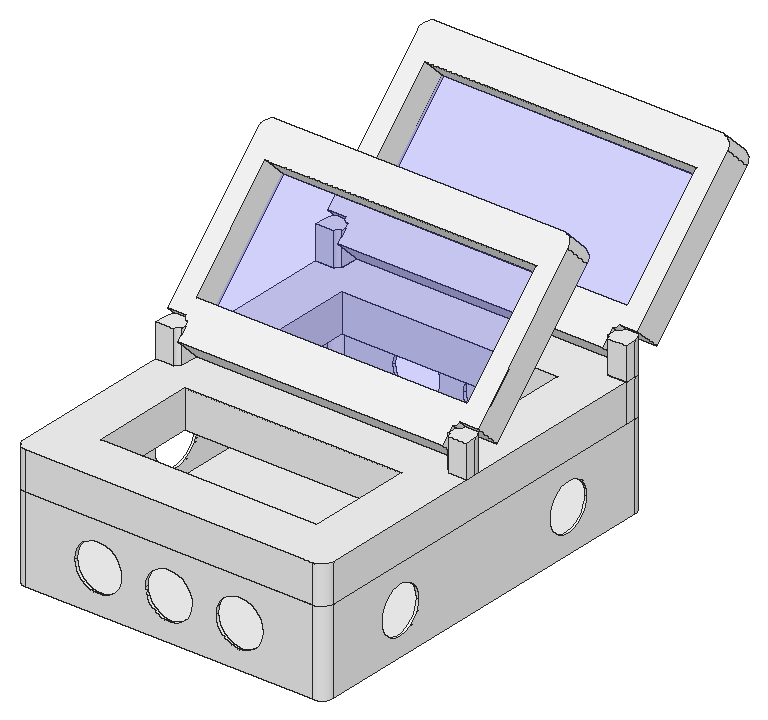
Revit family "Domotics-DomesticRanges-GEWISS-27COMBI_SYSTEM-IP55_4P+4P", category Apparecchi elettrici, host Superficie, Revit 2016
Family settings
  Host = Superficie
  Mantenere orientamento annotazione = No
  Tipo di parte = Normale
  Quota connettore circolare = Usa diametro
  Numero OmniClass = 23.80.30.14.24
  Titolo OmniClass = Junction Boxes
  Taglio con vuoti quando caricato = Sì
  Condiviso = No
  Punto di calcolo locali = No
Parameters (values of type "GW27051 - 4x2 posti verticale")
  Version file RFA = "19.4"
  URL = "https://www.gewiss.com/ww/en"
  Type of knockout holes = "Removable with tool"
  Torque screws tightening = "0,8NM"
  Thermo-pressure with ball = "70 °C"
  Technical sheet = "https://www.gewiss.com/ww/en/search?q=GW27051"
  Standard; = "EN 60670-1"
  Shock resistance = "IK07"
  SPORTELLO APERTO [instance] = yes
  SEO = "Enclosure"
  Realized by GEWISS S.p.A. = ""
  Produttore = "GEWISS S.p.A."
  Outer dim. LxHxD (mm) = "132x171x65"
  No. knockout holes Ã˜23 = "10 on sides / 2 on the bottom"
  No. SYSTEM modules = "8 gang"
  Modello = "GW27051"
  Lid screws = "Stainless steel"
  Insulation class = "II"
  Installation temperature = "-25 +60 °C"
  IP degree = "IP55"
  IFC.TypeObject = ""
  IFC.ExportType = ""
  IFC.ExportAs = ""
  Default Elevation = 1219.2 mm
  Immagine tipo = gw27051.jpg
  IDT = "3990d046-d57d-4ccd-aa40-94a36558d188"
  IDF = "bff38524-b723-44e9-9b8f-3ff32b0260b1"
  Glow Wire Test = "650°C"
  Electrocod = "0212"
  EAN code = "8011564055407"
  Door type = "With membrane"
  Door colour: = "Transparent"
  Descrizione = "VERT.8(2X4) GANG ENCLOSURE IP55"
  Description: = "8 gang"
  Configuration = "Module 4 x 2"
  Compartment pre-arrangement = "2"
  Colour = "Grey RAL 7035"
  Catalogue Range = "27COMBI"
  Catalogue = "DOMOTICS"
  COBie.Tagnumber = ""
  COBie.CreatedOn = ""
  COBie.CreatebBy = ""
  COBie.ComponentRegisterItemID = ""
  COBie.Component.TagNumber = ""
  COBie.Component.Space = ""
  COBie.Component.SerialNumber = ""
  COBie.Component.InstallationDate = ""
  COBie.Component.Description = ""
  COBie.Component.BarCode = ""
Reference planes
  plane 1 "Centro (Fronte/Retro)": y = 0
  plane 2: z = 0
  plane 3 "Centro (Sinistra/Destra)": x = 0
  plane 4: x = -66
  plane 5: x = 66
  plane 6: z = 66
  plane 7: y = -85
  plane 8: y = 85
Lines and regions (mm)
  Masking region 1
    outline origin (0, 0, 0) x (1, 0, 0) y (0, 0, 1)
      loop
        line (-66, 0) -> (66, 0) -> (66, 66) -> (-66, 66) -> (-66, 0)
  Masking region 2
    outline origin (0, 0, 0) x (0, 1, 0) y (0, 0, 1)
      loop
        line (-85, 0) -> (85, 0) -> (85, 66) -> (-85, 66) -> (-85, 0)
  Masking region 3, detail levels medium+fine
    outline origin (0, 0, 0) x (1, 0, 0) y (0, 0, 1)
      loop
        circle (0, 18) r 10
  Masking region 4, detail levels medium+fine
    outline origin (0, 42.5, 3.713) x (0, 1, 0) y (0, 0, 1)
      loop
        circle (0, 13.287) r 10
  Masking region 5, detail levels medium+fine
    outline origin (0, -42.5, 3.713) x (0, -1, 0) y (0, 0, 1)
      loop
        circle (0, 13.287) r 10
  Masking region 6, detail levels medium+fine
    outline origin (30, 0, 0) x (1, 0, 0) y (0, 0, 1)
      loop
        circle (0, 18) r 10
  Masking region 7, detail levels medium+fine
    outline origin (-30, 0, 0) x (-1, 0, 0) y (0, 0, 1)
      loop
        circle (0, 18) r 10
Dimensions and locks
  equal spacing: plane 4, plane 3 "Centro (Sinistra/Destra)", plane 5
  locked: plane 4 to plane 5 at 132
  locked: plane 6 to host face at 66
  equal spacing: plane 7, plane 1 "Centro (Fronte/Retro)", plane 8
  locked: plane 7 to plane 8 at 170
  aligned and locked: plane 2 to host face
  aligned and locked: level to host face
  aligned and locked: Masking region 1 sketch curve to level
  aligned and locked: plane 5 to Masking region 1 sketch curve
  aligned and locked: plane 6 to Masking region 1
  aligned and locked: Masking region 1 to plane 4
  aligned and locked: Masking region 2 sketch curve to level
  aligned and locked: plane 6 to Masking region 2 sketch curve
  aligned and locked: Masking region 2 to plane 7
Automatic sketch dimensions
  host sketch curve to host sketch curve = 2438.4 mm  (x2)
  Masking region 1 sketch curve to plane 4 = 0 mm
  Masking region 1 sketch curve to plane 6 = 0 mm
  Masking region 2 sketch curve to plane 7 = 0 mm
  Masking region 2 sketch curve to plane 8 = 0 mm
  Masking region 3 sketch curve to plane 3 "Centro (Sinistra/Destra)" = 0 mm
  level to Masking region 3 sketch curve = 18 mm
  level to Masking region 4 sketch curve = 17 mm
  Masking region 4 sketch curve to plane 1 "Centro (Fronte/Retro)" = 42.5 mm
  level to Masking region 5 sketch curve = 17 mm
  plane 1 "Centro (Fronte/Retro)" to Masking region 5 sketch curve = 42.5 mm
  plane 3 "Centro (Sinistra/Destra)" to Masking region 6 sketch curve = 30 mm
  level to Masking region 6 sketch curve = 18 mm
  Masking region 7 sketch curve to plane 3 "Centro (Sinistra/Destra)" = 30 mm
  level to Masking region 7 sketch curve = 18 mm
  radius of Masking region 3 sketch curve = 10 mm
  radius of Masking region 4 sketch curve = 10 mm
  radius of Masking region 5 sketch curve = 10 mm
  radius of Masking region 6 sketch curve = 10 mm
  radius of Masking region 7 sketch curve = 10 mm
Nested families
  nested 1: "SYSTEM COMBI CONTENITORI IP55 4+4P_BASE" at (0, 60, 0), Sportello aperto <- "SPORTELLO APERTO", type "GW27051"
    with Sportello chiuso no, Sportello aperto yes
Definition of nested family "SYSTEM COMBI CONTENITORI IP55 4+4P_BASE"
  Parameters (values of type "GW27051")
    VETRO = none
    Sportello chiuso [instance] = not(Sportello aperto)  # no
    Sportello aperto [instance] = yes
    Profondità scatola = 36 mm
    Offset bidimensionale = 60 mm
    Larghezza scatola = 132 mm
    SCATOLA = none
    Larghezza foro = 92 mm
    Dettaglio 4P = yes
    Default Elevation = 1219.2 mm
    Altezza scatola = 170 mm
    Altezza foro = 45 mm
  Reference planes
    plane 1 "Centro (Fronte/Retro)": y = 0
    plane 2: z = 0
    plane 3 "Centro (Sinistra/Destra)": x = 0
    plane 4: x = -66
    plane 5: x = 66
    plane 6 "1": y = 85
    plane 7: y = -85
    plane 8 "PIANO 1": z = 66
    plane 9: z = 36
    plane 10 "2": z = 2
    plane 11: z = 52
    plane 12: x = -46
    plane 13: x = 46
    plane 14: y = 64
    plane 15: y = 19
    plane 16: z = 18
    plane 17 "PIANO BIDIMENSIONALE": z = 60
    plane 18: y = 42.5
  Forms (mm)
    Extrusion 1, solid, material <- "SCATOLA", detail levels medium+fine
      sketch origin (0, 0, 66) x (0, -1, 0) y (1, 0, 0)
        loop
          arc (-85, -61) -> (-83.536, -64.536) -> (-80, -66) r 5
          line (-80, -66) -> (80, -66)
          arc (80, -66) -> (83.536, -64.536) -> (85, -61) r 5
          line (85, -61) -> (85, 61)
          arc (85, 61) -> (83.536, 64.536) -> (80, 66) r 5
          line (80, 66) -> (-80, 66)
          arc (-80, 66) -> (-83.536, 64.536) -> (-85, 61) r 5
          line (-85, 61) -> (-85, -61)
      from -66 to -30
    Extrusion 2, void, detail levels medium+fine
      sketch origin (0, 0, 66) x (0, -1, 0) y (1, 0, 0)
        loop
          line (-84, 61) -> (-84, -61)
          arc (-84, -61) -> (-82.828, -63.828) -> (-80, -65) r 4
          line (-80, -65) -> (80, -65)
          arc (80, -65) -> (82.828, -63.828) -> (84, -61) r 4
          line (84, -61) -> (84, 61)
          arc (84, 61) -> (82.828, 63.828) -> (80, 65) r 4
          line (80, 65) -> (-80, 65)
          arc (-80, 65) -> (-82.828, 63.828) -> (-84, 61) r 4
      from -64 to -30
    Extrusion 3, solid, material <- "SCATOLA", visible <- "Sportello chiuso", detail levels medium+fine
      sketch origin (0, 0, 66) x (0, -1, 0) y (1, 0, 0)
        loop
          line (-85, -56.414) -> (-77.415, -56.414)
          arc (-77.415, -56.414) -> (-76.861, -57.751) -> (-75.525, -58.304) r 1.89
          line (-75.525, -58.304) -> (-75.525, -66) -> (-5, -66)
          arc (-5, -66) -> (-1.464, -64.536) -> (0, -61) r 5
          line (0, -61) -> (0, 61)
          arc (0, 61) -> (-1.464, 64.536) -> (-5, 66) r 5
          line (-5, 66) -> (-75.525, 66) -> (-75.525, 58.304)
          arc (-75.525, 58.304) -> (-76.861, 57.751) -> (-77.415, 56.414) r 1.89
          line (-77.415, 56.414) -> (-85, 56.414) -> (-85, -56.414)
        loop
          line (-15.643, 57.717) -> (-67.357, 57.717) -> (-67.357, -57.717) -> (-15.643, -57.717) -> (-15.643, 57.717)
      from -14 to 0
    Extrusion 4, solid, material <- "SCATOLA", detail levels medium+fine
      sketch origin (0, 0, 66) x (0, -1, 0) y (1, 0, 0)
        loop
          line (-85, -56.414) -> (-77.415, -56.414)
          arc (-77.415, -56.414) -> (-76.861, -57.751) -> (-75.525, -58.304) r 1.89
          line (-75.525, -58.304) -> (-75.525, -66) -> (80, -66)
          arc (80, -66) -> (83.536, -64.536) -> (85, -61) r 5
          line (85, -61) -> (85, 61)
          arc (85, 61) -> (83.536, 64.536) -> (80, 66) r 5
          line (80, 66) -> (-75.525, 66) -> (-75.525, 58.304)
          arc (-75.525, 58.304) -> (-76.861, 57.751) -> (-77.415, 56.414) r 1.89
          line (-77.415, 56.414) -> (-85, 56.414) -> (-85, -56.414)
        loop
          line (-19, 46) -> (-64, 46) -> (-64, -46) -> (-19, -46) -> (-19, 46)
        loop
          line (19, 46) -> (19, -46) -> (64, -46) -> (64, 46) -> (19, 46)
      from -30 to -14
    Extrusion 5, solid, material <- "SCATOLA", detail levels medium+fine
      sketch origin (0, 0, 66) x (0, -1, 0) y (1, 0, 0)
        loop
          arc (-85, -61) -> (-83.536, -64.536) -> (-80, -66) r 5
          line (-80, -66) -> (-75.525, -66) -> (-75.525, -58.304)
          arc (-75.525, -58.304) -> (-76.861, -57.751) -> (-77.415, -56.414) r 1.89
          line (-77.415, -56.414) -> (-85, -56.414) -> (-85, -61)
      from -14 to 0
    Extrusion 6, solid, material <- "SCATOLA", detail levels medium+fine
      sketch origin (0, 0, 66) x (0, -1, 0) y (1, 0, 0)
        loop
          line (-85, 61) -> (-85, 56.414) -> (-77.415, 56.414)
          arc (-77.415, 56.414) -> (-76.861, 57.751) -> (-75.525, 58.304) r 1.89
          line (-75.525, 58.304) -> (-75.525, 66) -> (-80, 66)
          arc (-80, 66) -> (-83.536, 64.536) -> (-85, 61) r 5
      from -14 to 0
    Extrusion 7, solid, material <- "VETRO", visible <- "Sportello chiuso", detail levels medium+fine
      sketch origin (0, 0, 66) x (0, -1, 0) y (1, 0, 0)
        loop
          line (-67.357, -57.717) -> (-15.643, -57.717) -> (-15.643, 57.717) -> (-67.357, 57.717) -> (-67.357, -57.717)
      from -6 to 0
    Extrusion 8, solid, material <- "SCATOLA", visible <- "Sportello aperto", detail levels medium+fine
      sketch origin (0, 113.991, 80.991) x (0, 0.707107, 0.707107) y (1, 0, 0)
        loop
          line (-41, -56.414) -> (-33.415, -56.414)
          arc (-33.415, -56.414) -> (-32.861, -57.751) -> (-31.525, -58.304) r 1.89
          line (-31.525, -58.304) -> (-31.525, -66) -> (36, -66)
          arc (36, -66) -> (39.536, -64.536) -> (41, -61) r 5
          line (41, -61) -> (41, 61)
          arc (41, 61) -> (39.536, 64.536) -> (36, 66) r 5
          line (36, 66) -> (-31.525, 66) -> (-31.525, 58.304)
          arc (-31.525, 58.304) -> (-32.861, 57.751) -> (-33.415, 56.414) r 1.89
          line (-33.415, 56.414) -> (-41, 56.414) -> (-41, -56.414)
        loop
          line (26.857, 57.717) -> (-24.857, 57.717) -> (-24.857, -57.717) -> (26.857, -57.717) -> (26.857, 57.717)
      from -14 to 0
    Extrusion 9, solid, material <- "VETRO", visible <- "Sportello aperto", detail levels medium+fine
      sketch origin (0, 113.991, 80.991) x (0, 0.707107, 0.707107) y (1, 0, 0)
        loop
          line (-24.857, -57.717) -> (26.857, -57.717) -> (26.857, 57.717) -> (-24.857, 57.717) -> (-24.857, -57.717)
      from -1.5 to 0
    Extrusion 10, solid, material <- "SCATOLA", visible <- "Sportello aperto", not visible
      sketch origin (210, 0, -63.711) x (0, -1, 0) y (1, 0, 0)
        loop
          line (-41, -56.414) -> (-33.415, -56.414)
          arc (-33.415, -56.414) -> (-32.861, -57.751) -> (-31.525, -58.304) r 1.89
          line (-31.525, -58.304) -> (-31.525, -66) -> (36, -66)
          arc (36, -66) -> (39.536, -64.536) -> (41, -61) r 5
          line (41, -61) -> (41, 61)
          arc (41, 61) -> (39.536, 64.536) -> (36, 66) r 5
          line (36, 66) -> (-31.525, 66) -> (-31.525, 58.304)
          arc (-31.525, 58.304) -> (-32.861, 57.751) -> (-33.415, 56.414) r 1.89
          line (-33.415, 56.414) -> (-41, 56.414) -> (-41, -56.414)
        loop
          line (26.857, 57.717) -> (-24.857, 57.717) -> (-24.857, -57.717) -> (26.857, -57.717) -> (26.857, 57.717)
      from -14 to 0
    Extrusion 11, solid, material <- "VETRO", visible <- "Sportello aperto", not visible
      sketch origin (210, 0, -63.711) x (0, -1, 0) y (1, 0, 0)
        loop
          line (-24.857, -57.717) -> (26.857, -57.717) -> (26.857, 57.717) -> (-24.857, 57.717) -> (-24.857, -57.717)
      from -1.5 to 0
    Extrusion 12, solid, material <- "SCATOLA", detail levels fine
      sketch origin (0, 85, 0) x (-1, 0, 0) y (0, 0, 1)
        loop
          circle (0, 18) r 13
      from 5 to 3
    Extrusion 13, solid, material <- "SCATOLA", detail levels fine
      sketch origin (0, 85, 0) x (-1, 0, 0) y (0, 0, 1)
        loop
          circle (0, 18) r 10
      from 8 to 6
    Extrusion 14, solid, material <- "SCATOLA", detail levels fine
      sketch origin (0, 85, 0) x (-1, 0, 0) y (0, 0, 1)
        loop
          circle (0, 18) r 3
      from 0 to 6
    Extrusion 15, solid, material <- "SCATOLA", detail levels medium+fine
      sketch origin (0, 0, 0) x (1, 0, 0) y (0, 1, 0)
        loop
          line (-56.414, 77.415) -> (-56.414, 85) -> (-61, 85)
          arc (-61, 85) -> (-64.536, 83.536) -> (-66, 80) r 5
          line (-66, 80) -> (-66, 75.525) -> (-58.304, 75.525)
          arc (-58.304, 75.525) -> (-57.751, 76.861) -> (-56.414, 77.415) r 1.89
        loop
          arc (56.414, 77.415) -> (57.751, 76.861) -> (58.304, 75.525) r 1.89
          line (58.304, 75.525) -> (66, 75.525) -> (66, 80)
          arc (66, 80) -> (64.536, 83.536) -> (61, 85) r 5
          line (61, 85) -> (56.414, 85) -> (56.414, 77.415)
      from 36 to 52
    Extrusion 16, void, detail levels medium+fine
      sketch origin (0, 44.738, 0) x (0, 1, 0) y (0, 0, 1)
        loop
          circle (0, 18) r 10
      from 61 to 66
    Extrusion 17, void, detail levels medium+fine
      sketch origin (0, 0, 0) x (1, 0, 0) y (0, 0, 1)
        loop
          circle (0, 18) r 10
      from 84 to 85
    Extrusion 18, void, detail levels medium+fine
      sketch origin (0, 0, 0) x (0, 1, 0) y (0, 0, -1)
        loop
          circle (0, -18) r 11.5
      from 32.526 to 66
    Extrusion 19, void, detail levels medium+fine
      sketch origin (0, 44.408, 0) x (1, 0, 0) y (0, 0, -1)
        loop
          circle (0, -18) r 10
      from 39.592 to 40.592
    Extrusion 20, solid, material <- "SCATOLA", visible <- "Sportello aperto", detail levels medium+fine
      sketch origin (0, 28.991, 80.991) x (0, 0.707107, 0.707107) y (1, 0, 0)
        loop
          line (-41, -56.414) -> (-33.415, -56.414)
          arc (-33.415, -56.414) -> (-32.861, -57.751) -> (-31.525, -58.304) r 1.89
          line (-31.525, -58.304) -> (-31.525, -66) -> (36, -66)
          arc (36, -66) -> (39.536, -64.536) -> (41, -61) r 5
          line (41, -61) -> (41, 61)
          arc (41, 61) -> (39.536, 64.536) -> (36, 66) r 5
          line (36, 66) -> (-31.525, 66) -> (-31.525, 58.304)
          arc (-31.525, 58.304) -> (-32.861, 57.751) -> (-33.415, 56.414) r 1.89
          line (-33.415, 56.414) -> (-41, 56.414) -> (-41, -56.414)
        loop
          line (26.857, 57.717) -> (-24.857, 57.717) -> (-24.857, -57.717) -> (26.857, -57.717) -> (26.857, 57.717)
      from -14 to 0
    Extrusion 21, solid, material <- "VETRO", visible <- "Sportello aperto", detail levels medium+fine
      sketch origin (0, 28.991, 80.991) x (0, 0.707107, 0.707107) y (1, 0, 0)
        loop
          line (-24.857, -57.717) -> (26.857, -57.717) -> (26.857, 57.717) -> (-24.857, 57.717) -> (-24.857, -57.717)
      from -1.5 to 0
    Extrusion 22, solid, material <- "SCATOLA", visible <- "Sportello chiuso", detail levels medium+fine
      sketch origin (0, -85, 66) x (0, -1, 0) y (1, 0, 0)
        loop
          line (-85, -56.414) -> (-77.415, -56.414)
          arc (-77.415, -56.414) -> (-76.861, -57.751) -> (-75.525, -58.304) r 1.89
          line (-75.525, -58.304) -> (-75.525, -66) -> (-5, -66)
          arc (-5, -66) -> (-1.464, -64.536) -> (0, -61) r 5
          line (0, -61) -> (0, 61)
          arc (0, 61) -> (-1.464, 64.536) -> (-5, 66) r 5
          line (-5, 66) -> (-75.525, 66) -> (-75.525, 58.304)
          arc (-75.525, 58.304) -> (-76.861, 57.751) -> (-77.415, 56.414) r 1.89
          line (-77.415, 56.414) -> (-85, 56.414) -> (-85, -56.414)
        loop
          line (-15.643, 57.717) -> (-67.357, 57.717) -> (-67.357, -57.717) -> (-15.643, -57.717) -> (-15.643, 57.717)
      from -14 to 0
    Extrusion 23, solid, material <- "VETRO", visible <- "Sportello chiuso", detail levels medium+fine
      sketch origin (0, -85, 66) x (0, -1, 0) y (1, 0, 0)
        loop
          line (-67.357, -57.717) -> (-15.643, -57.717) -> (-15.643, 57.717) -> (-67.357, 57.717) -> (-67.357, -57.717)
      from -6 to 0
    Extrusion 24, void, detail levels medium+fine
      sketch origin (0, -44.738, 0) x (0, -1, 0) y (0, 0, -1)
        loop
          circle (0, -18) r 10
      from 61 to 66
    Extrusion 25, void, detail levels medium+fine
      sketch origin (-30, 0, 0) x (1, 0, 0) y (0, 0, 1)
        loop
          circle (0, 18) r 10
        loop
          circle (60, 18) r 10
      from -85 to 85
    Extrusion 26, solid, material <- "SCATOLA", detail levels medium+fine
      sketch origin (0, -85, 66) x (0, -1, 0) y (1, 0, 0)
        loop
          arc (-85, -61) -> (-83.536, -64.536) -> (-80, -66) r 5
          line (-80, -66) -> (-75.525, -66) -> (-75.525, -58.304)
          arc (-75.525, -58.304) -> (-76.861, -57.751) -> (-77.415, -56.414) r 1.89
          line (-77.415, -56.414) -> (-85, -56.414) -> (-85, -61)
      from -14 to 0
    Extrusion 27, solid, material <- "SCATOLA", detail levels medium+fine
      sketch origin (0, -85, 66) x (0, -1, 0) y (1, 0, 0)
        loop
          line (-85, 61) -> (-85, 56.414) -> (-77.415, 56.414)
          arc (-77.415, 56.414) -> (-76.861, 57.751) -> (-75.525, 58.304) r 1.89
          line (-75.525, 58.304) -> (-75.525, 66) -> (-80, 66)
          arc (-80, 66) -> (-83.536, 64.536) -> (-85, 61) r 5
      from -14 to 0
  Cuts and joins
    Extrusion 2, Extrusion 16, Extrusion 17, Extrusion 18, Extrusion 19, Extrusion 24, Extrusion 25 cuts Extrusion 1
  Lines and regions (mm)
    Masking region 1
      outline origin (0, 0, 2) x (0, -1, 0) y (1, 0, 0)
        loop
          line (-5, 66) -> (-80, 66)
          arc (-80, 66) -> (-83.536, 64.536) -> (-85, 61) r 5
          line (-85, 61) -> (-85, -61)
          arc (-85, -61) -> (-83.536, -64.536) -> (-80, -66) r 5
          line (-80, -66) -> (-5, -66)
          arc (-5, -66) -> (-1.464, -64.536) -> (0, -61) r 5
          line (0, -61) -> (0, 61)
          arc (0, 61) -> (-1.464, 64.536) -> (-5, 66) r 5
        loop
          line (-19, 46) -> (-64, 46) -> (-64, -46) -> (-19, -46) -> (-19, 46)
    Masking region 2
      outline origin (0, 0, 2) x (0, -1, 0) y (1, 0, 0)
        loop
          line (-64, -46) -> (-19, -46) -> (-19, 46) -> (-64, 46) -> (-64, -46)
    Masking region 3
      outline origin (0, 0, 0) x (1, 0, 0) y (0, 1, 0)
        loop
          line (-66, 75.525) -> (-58.304, 75.525)
          arc (-58.304, 75.525) -> (-57.751, 76.861) -> (-56.414, 77.415) r 1.89
          line (-56.414, 77.415) -> (-56.414, 85) -> (-61, 85)
          arc (-61, 85) -> (-64.536, 83.536) -> (-66, 80) r 5
          line (-66, 80) -> (-66, 75.525)
        loop
          line (58.304, 75.525) -> (66, 75.525) -> (66, 80)
          arc (66, 80) -> (64.536, 83.536) -> (61, 85) r 5
          line (61, 85) -> (56.414, 85) -> (56.414, 77.415)
          arc (56.414, 77.415) -> (57.751, 76.861) -> (58.304, 75.525) r 1.89
        loop
          circle (-61, 80) r 2
        loop
          circle (61, 80) r 2
        loop
          line (-48, 0) -> (-46, 0) -> (-46, 2.753)
          arc (-46, 2.753) -> (-45.414, 4.167) -> (-44, 4.753) r 2
          line (-44, 4.753) -> (43.996, 4.753)
          arc (43.996, 4.753) -> (45.41, 4.167) -> (45.996, 2.753) r 2
          line (45.996, 2.753) -> (45.996, 0) -> (47.996, 0) -> (47.996, 4.753)
          arc (47.996, 4.753) -> (47.41, 6.167) -> (45.996, 6.753) r 2
          line (45.996, 6.753) -> (-46, 6.753)
          arc (-46, 6.753) -> (-47.414, 6.167) -> (-48, 4.753) r 2
          line (-48, 4.753) -> (-48, 0)
    Masking region 4
      outline origin (0, 0, 0) x (1, 0, 0) y (0, 1, 0)
        loop
          line (-57.717, 15.643) -> (57.717, 15.643) -> (57.717, 75.525)
          arc (57.717, 75.525) -> (57.336, 76.446) -> (56.414, 76.828) r 1.303
          line (56.414, 76.828) -> (-56.414, 76.828)
          arc (-56.414, 76.828) -> (-57.336, 76.446) -> (-57.717, 75.525) r 1.303
          line (-57.717, 75.525) -> (-57.717, 15.643)
        loop
          line (-46, 64) -> (-46, 19) -> (46, 19) -> (46, 64) -> (-46, 64)
    Masking region 5
      outline origin (0, -85, 2) x (0, -1, 0) y (1, 0, 0)
        loop
          line (-5, 66) -> (-80, 66)
          arc (-80, 66) -> (-83.536, 64.536) -> (-85, 61) r 5
          line (-85, 61) -> (-85, -61)
          arc (-85, -61) -> (-83.536, -64.536) -> (-80, -66) r 5
          line (-80, -66) -> (-5, -66)
          arc (-5, -66) -> (-1.464, -64.536) -> (0, -61) r 5
          line (0, -61) -> (0, 61)
          arc (0, 61) -> (-1.464, 64.536) -> (-5, 66) r 5
        loop
          line (-19, 46) -> (-64, 46) -> (-64, -46) -> (-19, -46) -> (-19, 46)
    Masking region 6
      outline origin (0, -85, 0) x (1, 0, 0) y (0, 1, 0)
        loop
          line (-66, 75.525) -> (-58.304, 75.525)
          arc (-58.304, 75.525) -> (-57.751, 76.861) -> (-56.414, 77.415) r 1.89
          line (-56.414, 77.415) -> (-56.414, 85) -> (-61, 85)
          arc (-61, 85) -> (-64.536, 83.536) -> (-66, 80) r 5
          line (-66, 80) -> (-66, 75.525)
        loop
          line (58.304, 75.525) -> (66, 75.525) -> (66, 80)
          arc (66, 80) -> (64.536, 83.536) -> (61, 85) r 5
          line (61, 85) -> (56.414, 85) -> (56.414, 77.415)
          arc (56.414, 77.415) -> (57.751, 76.861) -> (58.304, 75.525) r 1.89
        loop
          circle (-61, 80) r 2
        loop
          circle (61, 80) r 2
        loop
          line (-48, 0) -> (-46, 0) -> (-46, 2.753)
          arc (-46, 2.753) -> (-45.414, 4.167) -> (-44, 4.753) r 2
          line (-44, 4.753) -> (43.996, 4.753)
          arc (43.996, 4.753) -> (45.41, 4.167) -> (45.996, 2.753) r 2
          line (45.996, 2.753) -> (45.996, 0) -> (47.996, 0) -> (47.996, 4.753)
          arc (47.996, 4.753) -> (47.41, 6.167) -> (45.996, 6.753) r 2
          line (45.996, 6.753) -> (-46, 6.753)
          arc (-46, 6.753) -> (-47.414, 6.167) -> (-48, 4.753) r 2
          line (-48, 4.753) -> (-48, 0)
    Masking region 7
      outline origin (0, -85, 2) x (0, -1, 0) y (1, 0, 0)
        loop
          line (-64, -46) -> (-19, -46) -> (-19, 46) -> (-64, 46) -> (-64, -46)
    Masking region 8
      outline origin (0, -85, 0) x (1, 0, 0) y (0, 1, 0)
        loop
          line (-57.717, 15.643) -> (57.717, 15.643) -> (57.717, 75.525)
          arc (57.717, 75.525) -> (57.336, 76.446) -> (56.414, 76.828) r 1.303
          line (56.414, 76.828) -> (-56.414, 76.828)
          arc (-56.414, 76.828) -> (-57.336, 76.446) -> (-57.717, 75.525) r 1.303
          line (-57.717, 75.525) -> (-57.717, 15.643)
        loop
          line (-46, 64) -> (-46, 19) -> (46, 19) -> (46, 64) -> (-46, 64)
    model lines, detail levels coarse
      curve 1: arc (66, -80, 60) -> (64.536, -83.536, 60) -> (61, -85, 60) r 5
      curve 2: line (66, 80, 60) -> (66, -80, 60)
      curve 3: arc (61, 85, 60) -> (64.536, 83.536, 60) -> (66, 80, 60) r 5
      curve 4: line (-61, 85, 60) -> (61, 85, 60)
      curve 5: arc (-61, 85, 60) -> (-64.536, 83.536, 60) -> (-66, 80, 60) r 5
      curve 6: line (-66, -80, 60) -> (-66, 80, 60)
      curve 7: arc (-61, -85, 60) -> (-64.536, -83.536, 60) -> (-66, -80, 60) r 5
      curve 8: line (61, -85, 60) -> (-61, -85, 60)
      curve 21: line (57.717, 15.643, 60) -> (-57.717, 15.643, 60)
      curve 22: line (57.717, 75.525, 60) -> (57.717, 15.643, 60)
      curve 23: line (-57.717, 15.643, 60) -> (-57.717, 75.525, 60)
      curve 24: line (-57.717, 67.357, 60) -> (57.717, 67.357, 60)
      curve 25: arc (-56.414, 76.828, 60) -> (-57.336, 76.446, 60) -> (-57.717, 75.525, 60) r 1.303
      curve 26: line (-56.414, 76.828, 60) -> (56.414, 76.828, 60)
      curve 27: arc (56.414, 76.828, 60) -> (57.336, 76.446, 60) -> (57.717, 75.525, 60) r 1.303
      curve 28: line (66, 75.525, 60) -> (58.304, 75.525, 60)
      curve 29: arc (56.414, 77.415, 60) -> (57.751, 76.861, 60) -> (58.304, 75.525, 60) r 1.89
      curve 30: line (56.414, 85, 60) -> (56.414, 77.415, 60)
      curve 31: line (-56.414, 77.415, 60) -> (56.414, 77.415, 60)
      curve 32: line (-66, 75.525, 60) -> (-58.304, 75.525, 60)
      curve 33: arc (-56.414, 77.415, 60) -> (-57.751, 76.861, 60) -> (-58.304, 75.525, 60) r 1.89
      curve 34: line (-56.414, 85, 60) -> (-56.414, 77.415, 60)
      curve 35: circle (-61, 80, 60) r 2 normal (0, 0, 1)
      curve 36: line (-59.172, 80.81, 60) -> (-62.472, 78.646, 60)
      curve 37: line (-62.912, 79.413, 60) -> (-59.7, 81.52, 60)
      curve 38: line (62.912, 79.413, 60) -> (59.7, 81.52, 60)
      curve 39: line (59.108, 80.647, 60) -> (62.348, 78.523, 60)
      curve 40: circle (61, 80, 60) r 2 normal (0, 0, -1)
      curve 41: line (-46, 64, 60) -> (46, 64, 60)
      curve 42: line (-46, 19, 60) -> (-46, 64, 60)
      curve 43: line (46, 19, 60) -> (-46, 19, 60)
      curve 44: line (46, 64, 60) -> (46, 19, 60)
      curve 45: line (-58, -85, 60) -> (-58, -80.247, 60)
      curve 46: line (-56, -85, 60) -> (-56, -82.247, 60)
      curve 47: arc (-56, -78.247, 60) -> (-57.414, -78.833, 60) -> (-58, -80.247, 60) r 2
      curve 48: arc (-54, -80.247, 60) -> (-55.414, -80.833, 60) -> (-56, -82.247, 60) r 2
      curve 49: line (-54, -80.247, 60) -> (54, -80.247, 60)
      curve 50: line (-56, -78.247, 60) -> (56, -78.247, 60)
      curve 51: arc (55.996, -82.247, 60) -> (55.41, -80.833, 60) -> (53.996, -80.247, 60) r 2
      curve 52: arc (57.996, -80.247, 60) -> (57.41, -78.833, 60) -> (55.996, -78.247, 60) r 2
      curve 53: line (57.996, -85, 60) -> (57.996, -80.247, 60)
      curve 54: line (55.996, -85, 60) -> (55.996, -82.247, 60)
      curve 55: arc (66, 5, 60) -> (64.536, 1.464, 60) -> (61, 0, 60) r 5
      curve 56: arc (-61, 0, 60) -> (-64.536, 1.464, 60) -> (-66, 5, 60) r 5
      curve 57: line (61, 0, 60) -> (-61, 0, 60)
      curve 70: line (-58, 0, 60) -> (-58, 4.753, 60)
      curve 71: line (-56, 0, 60) -> (-56, 2.753, 60)
      curve 72: arc (-56, 6.753, 60) -> (-57.414, 6.167, 60) -> (-58, 4.753, 60) r 2
      curve 73: arc (-54, 4.753, 60) -> (-55.414, 4.167, 60) -> (-56, 2.753, 60) r 2
      curve 74: line (-54, 4.753, 60) -> (53.996, 4.753, 60)
      curve 75: line (-56, 6.753, 60) -> (56, 6.753, 60)
      curve 76: arc (55.996, 2.753, 60) -> (55.41, 4.167, 60) -> (53.996, 4.753, 60) r 2
      curve 77: arc (57.996, 4.753, 60) -> (57.41, 6.167, 60) -> (55.996, 6.753, 60) r 2
      curve 78: line (57.996, 0, 60) -> (57.996, 4.624, 60)
      curve 79: line (55.996, 0, 60) -> (55.996, 2.624, 60)
    model lines, visible <- "Dettaglio 4P", detail levels coarse
      curve 9: line (-58, -85, 60) -> (-58, -80.247, 60)
      curve 10: line (-56, -85, 60) -> (-56, -82.247, 60)
      curve 11: arc (-54, -80.247, 60) -> (-55.414, -80.833, 60) -> (-56, -82.247, 60) r 2
      curve 12: arc (-56, -78.247, 60) -> (-57.414, -78.833, 60) -> (-58, -80.247, 60) r 2
      curve 13: line (-56, -78.247, 60) -> (-8.093, -78.247, 60)
      curve 14: line (-54, -80.247, 60) -> (-10.093, -80.247, 60)
      curve 15: line (56, -78.247, 60) -> (8.093, -78.247, 60)
      curve 16: line (54, -80.247, 60) -> (10.093, -80.247, 60)
      curve 17: arc (54, -80.247, 60) -> (55.414, -80.833, 60) -> (56, -82.247, 60) r 2
      curve 18: arc (56, -78.247, 60) -> (57.414, -78.833, 60) -> (58, -80.247, 60) r 2
      curve 19: line (56, -85, 60) -> (56, -82.247, 60)
      curve 20: line (58, -85, 60) -> (58, -80.247, 60)
      curve 58: line (-58, 0, 60) -> (-58, 4.753, 60)
      curve 59: line (-56, 0, 60) -> (-56, 2.753, 60)
      curve 60: arc (-54, 4.753, 60) -> (-55.414, 4.167, 60) -> (-56, 2.753, 60) r 2
      curve 61: arc (-56, 6.753, 60) -> (-57.414, 6.167, 60) -> (-58, 4.753, 60) r 2
      curve 62: line (-56, 6.753, 60) -> (-8.093, 6.753, 60)
      curve 63: line (-54, 4.753, 60) -> (-10.093, 4.753, 60)
      curve 64: line (56, 6.753, 60) -> (8.093, 6.753, 60)
      curve 65: line (53.996, 4.753, 60) -> (10.093, 4.753, 60)
      curve 66: arc (54, 4.753, 60) -> (55.459, 4.121, 60) -> (55.996, 2.624, 60) r 2
      curve 67: arc (56, 6.753, 60) -> (57.459, 6.121, 60) -> (57.996, 4.624, 60) r 2
      curve 68: line (56, 0, 60) -> (56, 2.753, 60)
      curve 69: line (58, 0, 60) -> (58, 4.753, 60)
  Dimensions and locks
    equal spacing: plane 4, plane 3 "Centro (Sinistra/Destra)", plane 5
    equal spacing: plane 6 "1", plane 1 "Centro (Fronte/Retro)", plane 7
    "Altezza scatola": plane 6 "1" to plane 7
    "Larghezza scatola": plane 4 to plane 5
    "Profondità scatola": plane 9 to level
    plane 8 "PIANO 1" to plane 11 = 14 mm
    "Altezza foro": plane 15 to plane 14
    "Larghezza foro": plane 12 to plane 13
    equal spacing: plane 12, plane 3 "Centro (Sinistra/Destra)", plane 13
    equal spacing: level, plane 16, plane 9
    "Offset bidimensionale": plane 17 "PIANO BIDIMENSIONALE" to plane 2
    equal spacing: plane 1 "Centro (Fronte/Retro)", plane 18, plane 6 "1"
    aligned and locked: level to plane 2
    aligned and locked: Extrusion 1 sketch curve to plane 6 "1"
    aligned and locked: plane 4 to Extrusion 1 sketch curve
    aligned and locked: Extrusion 1 sketch curve to plane 5
    aligned and locked: plane 7 to Extrusion 1 sketch curve
    aligned and locked: Extrusion 1 to level
    aligned and locked: Extrusion 2 to plane 10 "2"
    aligned and locked: plane 9 to Extrusion 2
    aligned and locked: plane 9 to Extrusion 1
    aligned and locked: Extrusion 3 sketch curve to plane 4
    aligned and locked: plane 6 "1" to Extrusion 3 sketch curve
    aligned and locked: plane 5 to Extrusion 3 sketch curve
    aligned and locked: plane 8 "PIANO 1" to Extrusion 3
    aligned and locked: Extrusion 3 to plane 11
    aligned and locked: Extrusion 4 to Extrusion 3
    aligned and locked: Extrusion 4 to plane 9
    aligned and locked: cut or joined group 1 (Extrusion 1, Extrusion 2, Extrusion 16, Extrusion 17, Extrusion 18, Extrusion 19, Extrusion 24, Extrusion 25) to Extrusion 5 sketch curve
    aligned and locked: Extrusion 5 sketch curve to cut or joined group 1
    aligned and locked: Extrusion 5 to Extrusion 3
    aligned and locked: plane 5 to Extrusion 6
    aligned and locked: Extrusion 7 sketch curve to Extrusion 3  (x2)
    aligned and locked: plane 8 "PIANO 1" to Extrusion 7
    aligned and locked: Extrusion 8 to Extrusion 9 sketch curve
    aligned and locked: Extrusion 9 sketch curve to Extrusion 8
    aligned and locked: Extrusion 11 sketch curve to Extrusion 10  (x2)
    aligned and locked: Extrusion 8 to plane 4
    aligned and locked: Extrusion 9 to Extrusion 8  (x2)
    aligned and locked: Extrusion 11 to Extrusion 10  (x2)
    aligned and locked: plane 4 to Extrusion 8 sketch curve
    aligned and locked: Extrusion 8 sketch curve to plane 5
    aligned and locked: plane 14 to Extrusion 4 sketch curve
    aligned and locked: Extrusion 4 sketch curve to plane 15
    aligned and locked: plane 12 to Extrusion 4 sketch curve
    aligned and locked: Extrusion 4 sketch curve to plane 13
    aligned and locked: Extrusion 14 to Extrusion 13
    aligned and locked: Extrusion 6 to Extrusion 4
    aligned and locked: Extrusion 5 to Extrusion 4
    aligned and locked: Extrusion 15 to Extrusion 3
    aligned and locked: Extrusion 15 to cut or joined group 1
    aligned and locked: Extrusion 15 sketch curve to Extrusion 4
    aligned and locked: plane 5 to Extrusion 16
    aligned and locked: Extrusion 17 to plane 7
    aligned and locked: Extrusion 1 to Extrusion 18
    aligned and locked: Masking region 1 sketch curve to curve 43
    aligned and locked: Masking region 1 sketch curve to curve 42
    aligned and locked: Masking region 1 sketch curve to curve 41
    aligned and locked: Masking region 1 sketch curve to curve 44
    aligned and locked: Masking region 2 sketch curve to curve 41
    aligned and locked: Masking region 2 sketch curve to curve 44
    aligned and locked: Masking region 2 sketch curve to curve 43
    aligned and locked: Masking region 2 sketch curve to curve 42
    aligned and locked: Masking region 3 sketch curve to Extrusion 15  (x4)
    aligned and locked: Masking region 3 sketch curve to Extrusion 6  (x4)
    aligned and locked: Masking region 4 sketch curve to curve 23
    aligned and locked: curve 26 to Masking region 4 sketch curve
    aligned and locked: curve 22 to Masking region 4 sketch curve
    aligned and locked: Masking region 4 sketch curve to curve 21
    aligned and locked: Masking region 4 sketch curve to curve 41
    aligned and locked: Masking region 4 sketch curve to curve 44
    aligned and locked: Masking region 4 sketch curve to curve 43
    aligned and locked: Masking region 4 sketch curve to curve 42
    aligned and locked: Extrusion 19 to Extrusion 2
    aligned and locked: plane 6 "1" to Extrusion 19
    aligned and locked: Extrusion 17 to Extrusion 2
    aligned and locked: Extrusion 8 to Extrusion 9
    aligned and locked: plane 1 "Centro (Fronte/Retro)" to Extrusion 3 sketch curve
    aligned and locked: Extrusion 20 to Extrusion 21 sketch curve
    aligned and locked: Extrusion 21 sketch curve to Extrusion 20
    aligned and locked: Extrusion 21 to Extrusion 20  (x2)
    aligned and locked: Extrusion 20 to Extrusion 21
    aligned and locked: Extrusion 23 sketch curve to Extrusion 22  (x2)
    aligned and locked: curve 1 to Extrusion 16
    aligned and locked: plane 6 "1" to Extrusion 25
  Automatic sketch dimensions
    Extrusion 10 sketch curve to Extrusion 10 sketch curve = 7.585 mm  (x2)
    Extrusion 10 sketch curve to Extrusion 10 sketch curve = 1.89 mm  (x2)
    Extrusion 10 sketch curve to Extrusion 10 sketch curve = 6.668 mm
    Extrusion 10 sketch curve to Extrusion 10 sketch curve = 7.696 mm
    Extrusion 10 sketch curve to Extrusion 10 sketch curve = 0.587 mm  (x2)
    Extrusion 10 sketch curve to Extrusion 10 sketch curve = 112.829 mm
    Extrusion 10 sketch curve to Extrusion 10 sketch curve = 3.283 mm
    Extrusion 10 sketch curve to Extrusion 10 sketch curve = 51.714 mm
    Extrusion 10 sketch curve to Extrusion 10 sketch curve = 9.143 mm  (x2)
    Extrusion 10 sketch curve to Extrusion 10 sketch curve = 5 mm
    Extrusion 11 sketch curve to Extrusion 11 sketch curve = 51.714 mm
    Extrusion 1 sketch curve to Extrusion 1 sketch curve = 5 mm  (x2)
    Extrusion 1 sketch curve to plane 5 = 5 mm  (x2)
    Extrusion 2 sketch curve to plane 6 "1" = 1 mm
    plane 4 to Extrusion 2 sketch curve = 1 mm
    Extrusion 2 sketch curve to plane 6 "1" = 5 mm
    Extrusion 2 sketch curve to Extrusion 2 sketch curve = 4 mm
    plane 7 to Extrusion 2 sketch curve = 5 mm  (x2)
    plane 7 to Extrusion 2 sketch curve = 1 mm
    Extrusion 2 sketch curve to plane 5 = 5 mm
    Extrusion 3 sketch curve to Extrusion 3 sketch curve = 7.585 mm  (x2)
    Extrusion 3 sketch curve to plane 6 "1" = 9.475 mm
    Extrusion 3 sketch curve to Extrusion 3 sketch curve = 1.89 mm
    Extrusion 3 sketch curve to plane 14 = 3.357 mm
    plane 15 to Extrusion 3 sketch curve = 3.357 mm
    Extrusion 3 sketch curve to plane 1 "Centro (Fronte/Retro)" = 5 mm
    Extrusion 3 sketch curve to Extrusion 3 sketch curve = 5 mm
    Extrusion 3 sketch curve to Extrusion 3 sketch curve = 7.696 mm
    Extrusion 3 sketch curve to Extrusion 3 sketch curve = 0.587 mm
    Extrusion 3 sketch curve to plane 5 = 9.586 mm
    Extrusion 3 sketch curve to plane 5 = 8.283 mm
    Extrusion 4 sketch curve to plane 6 "1" = 0 mm
    Extrusion 4 sketch curve to plane 4 = 0 mm
    Extrusion 4 sketch curve to plane 5 = 0 mm
    Extrusion 4 sketch curve to plane 13 = 0 mm
    Extrusion 4 sketch curve to plane 12 = 0 mm
    Extrusion 4 sketch curve to plane 7 = 0 mm
    Extrusion 4 sketch curve to Extrusion 4 sketch curve = 7.585 mm  (x2)
    Extrusion 4 sketch curve to Extrusion 4 sketch curve = 1.89 mm  (x2)
    plane 1 "Centro (Fronte/Retro)" to Extrusion 4 sketch curve = 19 mm
    plane 7 to Extrusion 4 sketch curve = 21 mm
    Extrusion 4 sketch curve to plane 5 = 5 mm
    plane 7 to Extrusion 4 sketch curve = 5 mm
    Extrusion 4 sketch curve to Extrusion 4 sketch curve = 7.696 mm
    Extrusion 4 sketch curve to plane 5 = 9.586 mm
    Extrusion 5 sketch curve to Extrusion 5 sketch curve = 5 mm
    Extrusion 5 sketch curve to Extrusion 5 sketch curve = 2.585 mm
    Extrusion 5 sketch curve to Extrusion 5 sketch curve = 1.89 mm
    Extrusion 5 sketch curve to Extrusion 5 sketch curve = 2.696 mm
    Extrusion 6 sketch curve to plane 6 "1" = 0 mm
    Extrusion 6 sketch curve to plane 5 = 0 mm
    plane 5 to Extrusion 6 sketch curve = 5 mm
    Extrusion 6 sketch curve to Extrusion 6 sketch curve = 2.585 mm
    Extrusion 6 sketch curve to Extrusion 6 sketch curve = 1.89 mm
    Extrusion 6 sketch curve to Extrusion 6 sketch curve = 2.696 mm
    Extrusion 7 sketch curve to plane 14 = 3.357 mm
    plane 15 to Extrusion 7 sketch curve = 3.357 mm
    plane 4 to Extrusion 8 sketch curve = 9.586 mm
    Extrusion 8 sketch curve to Extrusion 8 sketch curve = 7.585 mm  (x2)
    Extrusion 8 sketch curve to Extrusion 8 sketch curve = 1.89 mm  (x2)
    Extrusion 8 sketch curve to Extrusion 8 sketch curve = 6.668 mm
    Extrusion 8 sketch curve to plane 5 = 8.283 mm
    Extrusion 8 sketch curve to Extrusion 8 sketch curve = 51.714 mm
    Extrusion 8 sketch curve to Extrusion 8 sketch curve = 9.143 mm  (x2)
    Extrusion 8 sketch curve to plane 5 = 5 mm
    Extrusion 8 sketch curve to Extrusion 8 sketch curve = 0.587 mm
    Extrusion 8 sketch curve to plane 5 = 9.586 mm
    Extrusion 9 sketch curve to Extrusion 9 sketch curve = 51.714 mm
    Extrusion 12 sketch curve to plane 3 "Centro (Sinistra/Destra)" = 0 mm
    Extrusion 12 sketch curve to plane 16 = 0 mm
    Extrusion 13 sketch curve to plane 3 "Centro (Sinistra/Destra)" = 0 mm
    Extrusion 13 sketch curve to plane 16 = 0 mm
    Extrusion 14 sketch curve to plane 3 "Centro (Sinistra/Destra)" = 0 mm
    Extrusion 14 sketch curve to plane 16 = 0 mm
    Extrusion 15 sketch curve to plane 4 = 0 mm
    Extrusion 15 sketch curve to plane 6 "1" = 0 mm  (x2)
    Extrusion 15 sketch curve to plane 5 = 0 mm
    plane 4 to Extrusion 15 sketch curve = 5 mm
    Extrusion 15 sketch curve to Extrusion 15 sketch curve = 1.89 mm  (x2)
    Extrusion 15 sketch curve to Extrusion 15 sketch curve = 9.586 mm
    Extrusion 15 sketch curve to Extrusion 15 sketch curve = 4.586 mm
    Extrusion 15 sketch curve to Extrusion 15 sketch curve = 2.585 mm  (x2)
    plane 16 to Extrusion 16 sketch curve = 0 mm
    plane 18 to Extrusion 16 sketch curve = 2.238 mm
    Extrusion 17 sketch curve to plane 3 "Centro (Sinistra/Destra)" = 0 mm
    Extrusion 17 sketch curve to plane 16 = 0 mm
    Extrusion 18 sketch curve to plane 1 "Centro (Fronte/Retro)" = 0 mm
    plane 16 to Extrusion 18 sketch curve = 0 mm
    Extrusion 19 sketch curve to plane 3 "Centro (Sinistra/Destra)" = 0 mm
    Extrusion 19 sketch curve to plane 16 = 0 mm
    curve 3 to curve 40 = 0 mm  (x2)
    curve 5 to curve 35 = 0 mm  (x2)
    curve 11 to curve 48 = 0 mm  (x2)
    curve 12 to curve 47 = 0 mm  (x2)
    curve 25 to curve 33 = 0 mm  (x2)
    curve 27 to curve 29 = 0 mm  (x2)
    curve 60 to curve 73 = 0 mm  (x2)
    curve 61 to curve 72 = 0 mm  (x2)
    curve 4 to plane 6 "1" = 0 mm
    curve 3 to plane 5 = 0 mm
    curve 5 to plane 4 = 0 mm
    curve 41 to plane 13 = 0 mm
    plane 14 to curve 41 = 0 mm
    plane 15 to curve 44 = 0 mm
    plane 1 "Centro (Fronte/Retro)" to curve 57 = 0 mm
    curve 9 to plane 7 = 0 mm
    curve 41 to plane 12 = 0 mm
    curve 5 to curve 5 = 5 mm
    curve 3 to curve 40 = 5 mm
    curve 5 to curve 31 = 2.585 mm
    curve 31 to curve 26 = 0.587 mm
    curve 26 to curve 32 = 1.303 mm
    curve 26 to curve 29 = 1.303 mm
    plane 15 to curve 21 = 3.357 mm
    curve 75 to plane 1 "Centro (Fronte/Retro)" = 6.753 mm
    curve 55 to curve 57 = 5 mm
    curve 56 to curve 57 = 5 mm
    curve 62 to curve 70 = 2 mm
    curve 61 to curve 63 = 0 mm
    curve 67 to curve 67 = 2 mm
    curve 77 to curve 67 = 0 mm
    curve 77 to curve 78 = 0.129 mm
    curve 65 to curve 76 = 2 mm
    curve 61 to curve 71 = 2 mm
    curve 76 to curve 66 = 0 mm
    curve 76 to curve 79 = 0.129 mm
    plane 7 to curve 15 = 6.753 mm
    plane 7 to curve 6 = 5 mm
    plane 7 to curve 2 = 5 mm
    curve 13 to curve 45 = 2 mm
    curve 15 to curve 20 = 2 mm
    curve 12 to curve 49 = 0 mm
    curve 53 to curve 18 = 0 mm
    curve 16 to curve 17 = 2 mm
    curve 51 to curve 17 = 0 mm
    curve 11 to curve 11 = 2 mm
    curve 5 to curve 32 = 2.696 mm
    curve 7 to curve 9 = 3 mm
    curve 56 to curve 58 = 3 mm
    curve 46 to curve 12 = 0 mm
    curve 71 to curve 61 = 0 mm
    curve 65 to curve 55 = 7.004 mm
    curve 51 to curve 1 = 7.004 mm
    curve 51 to curve 16 = 0.004 mm
    curve 76 to curve 66 = 0.004 mm
    curve 66 to curve 77 = 1.996 mm
    curve 79 to curve 76 = 0 mm
    curve 17 to curve 52 = 1.996 mm
    curve 52 to curve 15 = 0.004 mm
    curve 77 to curve 67 = 0.004 mm
    curve 31 to curve 3 = 4.586 mm
    curve 37 to curve 5 = 1.52 mm
    curve 38 to curve 3 = 1.52 mm
    curve 37 to curve 36 = 0.709 mm
    curve 38 to curve 39 = 0.872 mm
    curve 5 to curve 37 = 0.587 mm
    curve 40 to curve 38 = 0.587 mm
    plane 4 to curve 36 = 3.528 mm
    curve 37 to curve 36 = 0.767 mm
    curve 39 to plane 5 = 3.652 mm
    curve 38 to curve 39 = 0.891 mm
    curve 24 to plane 14 = 3.357 mm
    curve 77 to curve 64 = 0 mm
    curve 77 to curve 69 = 0 mm
    curve 76 to curve 68 = 0 mm
    curve 14 to plane 3 "Centro (Sinistra/Destra)" = 10.093 mm
    curve 63 to plane 3 "Centro (Sinistra/Destra)" = 10.093 mm
    curve 63 to curve 62 = 2 mm
    curve 14 to curve 13 = 2 mm
    plane 3 "Centro (Sinistra/Destra)" to curve 64 = 8.093 mm
    plane 3 "Centro (Sinistra/Destra)" to curve 15 = 8.093 mm
    curve 15 to curve 16 = 2 mm
    curve 64 to curve 65 = 2 mm
    curve 78 to curve 69 = 0.004 mm
    Masking region 1 sketch curve to plane 6 "1" = 0 mm
    Masking region 1 sketch curve to plane 4 = 0 mm
    Masking region 1 sketch curve to plane 5 = 0 mm
    plane 1 "Centro (Fronte/Retro)" to Masking region 1 sketch curve = 0 mm
    Masking region 1 sketch curve to plane 6 "1" = 5 mm
    Masking region 1 sketch curve to Masking region 1 sketch curve = 5 mm
    Masking region 1 sketch curve to plane 1 "Centro (Fronte/Retro)" = 5 mm  (x2)
    Masking region 3 sketch curve to Masking region 3 sketch curve = 0 mm  (x4)
    plane 1 "Centro (Fronte/Retro)" to Masking region 3 sketch curve = 0 mm  (x2)
    Masking region 3 sketch curve to plane 12 = 0 mm  (x2)
    plane 4 to Masking region 3 sketch curve = 5 mm
    Masking region 3 sketch curve to Masking region 3 sketch curve = 1.89 mm  (x2)
    Masking region 3 sketch curve to Masking region 3 sketch curve = 2 mm  (x2)
    plane 12 to Masking region 3 sketch curve = 2 mm
    Masking region 3 sketch curve to plane 13 = 2.004 mm
    Masking region 3 sketch curve to plane 13 = 0.004 mm  (x2)
    plane 13 to Masking region 3 sketch curve = 1.996 mm
    Masking region 3 sketch curve to Masking region 3 sketch curve = 4.586 mm
    Masking region 3 sketch curve to plane 1 "Centro (Fronte/Retro)" = 2.753 mm
    Masking region 4 sketch curve to Masking region 4 sketch curve = 1.303 mm  (x2)
    plane 1 "Centro (Fronte/Retro)" to Masking region 5 sketch curve = 0 mm
    Masking region 5 sketch curve to plane 4 = 0 mm
    Masking region 5 sketch curve to plane 5 = 0 mm
    Masking region 5 sketch curve to plane 12 = 0 mm
    Masking region 5 sketch curve to plane 13 = 0 mm
    Masking region 5 sketch curve to plane 7 = 0 mm
    plane 1 "Centro (Fronte/Retro)" to Masking region 5 sketch curve = 5 mm
    Masking region 5 sketch curve to Masking region 5 sketch curve = 5 mm
    plane 1 "Centro (Fronte/Retro)" to Masking region 5 sketch curve = 21 mm
    plane 7 to Masking region 5 sketch curve = 19 mm
    plane 7 to Masking region 5 sketch curve = 5 mm  (x2)
    Masking region 6 sketch curve to Masking region 6 sketch curve = 0 mm  (x4)
    Masking region 6 sketch curve to plane 4 = 0 mm
    plane 1 "Centro (Fronte/Retro)" to Masking region 6 sketch curve = 0 mm  (x2)
    Masking region 6 sketch curve to plane 7 = 0 mm  (x2)
    Masking region 6 sketch curve to plane 12 = 0 mm  (x2)
    Masking region 6 sketch curve to plane 5 = 0 mm
    Masking region 6 sketch curve to Masking region 6 sketch curve = 5 mm
    Masking region 6 sketch curve to Masking region 6 sketch curve = 2.696 mm
    Masking region 6 sketch curve to Masking region 6 sketch curve = 1.89 mm  (x2)
    Masking region 6 sketch curve to Masking region 6 sketch curve = 2 mm  (x2)
    plane 12 to Masking region 6 sketch curve = 2 mm
    Masking region 6 sketch curve to plane 13 = 2.004 mm
    Masking region 6 sketch curve to plane 13 = 0.004 mm  (x2)
    plane 13 to Masking region 6 sketch curve = 1.996 mm
    Masking region 6 sketch curve to plane 5 = 9.586 mm
    Masking region 6 sketch curve to Masking region 6 sketch curve = 4.586 mm
    plane 7 to Masking region 6 sketch curve = 2.753 mm
    Masking region 6 sketch curve to Masking region 6 sketch curve = 4.475 mm  (x2)
    Extrusion 20 sketch curve to plane 4 = 0 mm
    Extrusion 20 sketch curve to plane 5 = 0 mm
    plane 4 to Extrusion 20 sketch curve = 9.586 mm
    Extrusion 20 sketch curve to Extrusion 20 sketch curve = 7.585 mm  (x2)
    Extrusion 20 sketch curve to Extrusion 20 sketch curve = 1.89 mm  (x2)
    Extrusion 20 sketch curve to Extrusion 20 sketch curve = 6.668 mm
    Extrusion 20 sketch curve to plane 5 = 8.283 mm
    Extrusion 20 sketch curve to Extrusion 20 sketch curve = 51.714 mm
    Extrusion 20 sketch curve to Extrusion 20 sketch curve = 9.143 mm  (x2)
    Extrusion 20 sketch curve to plane 5 = 5 mm
    Extrusion 20 sketch curve to Extrusion 20 sketch curve = 0.587 mm
    Extrusion 20 sketch curve to plane 5 = 9.586 mm
    Extrusion 21 sketch curve to Extrusion 21 sketch curve = 51.714 mm
    plane 1 "Centro (Fronte/Retro)" to Extrusion 22 sketch curve = 0 mm
    Extrusion 22 sketch curve to plane 4 = 0 mm
    Extrusion 22 sketch curve to plane 5 = 0 mm
    Extrusion 22 sketch curve to plane 7 = 0 mm
    Extrusion 22 sketch curve to Extrusion 22 sketch curve = 7.585 mm  (x2)
    plane 1 "Centro (Fronte/Retro)" to Extrusion 22 sketch curve = 9.475 mm
    Extrusion 22 sketch curve to Extrusion 22 sketch curve = 1.89 mm
    Extrusion 22 sketch curve to Extrusion 22 sketch curve = 8.168 mm
    plane 7 to Extrusion 22 sketch curve = 15.643 mm
    plane 7 to Extrusion 22 sketch curve = 5 mm
    Extrusion 22 sketch curve to plane 5 = 5 mm
    Extrusion 22 sketch curve to Extrusion 22 sketch curve = 7.696 mm
    Extrusion 22 sketch curve to Extrusion 22 sketch curve = 0.587 mm
    Extrusion 22 sketch curve to plane 5 = 9.586 mm
    Extrusion 22 sketch curve to plane 5 = 8.283 mm
    plane 1 "Centro (Fronte/Retro)" to Extrusion 23 sketch curve = 17.643 mm
    plane 7 to Extrusion 23 sketch curve = 15.643 mm
    Masking region 7 sketch curve to plane 13 = 0 mm
    Masking region 7 sketch curve to plane 12 = 0 mm
    plane 1 "Centro (Fronte/Retro)" to Masking region 7 sketch curve = 21 mm
    plane 7 to Masking region 7 sketch curve = 19 mm
    Masking region 8 sketch curve to plane 12 = 0 mm
    Masking region 8 sketch curve to plane 13 = 0 mm
    plane 4 to Masking region 8 sketch curve = 9.586 mm
    plane 4 to Masking region 8 sketch curve = 8.283 mm
    Masking region 8 sketch curve to plane 5 = 9.586 mm
    Masking region 8 sketch curve to plane 5 = 8.283 mm
    plane 7 to Masking region 8 sketch curve = 15.643 mm
    Masking region 8 sketch curve to Masking region 8 sketch curve = 3.357 mm
    plane 1 "Centro (Fronte/Retro)" to Masking region 8 sketch curve = 21 mm
    plane 1 "Centro (Fronte/Retro)" to Masking region 8 sketch curve = 9.475 mm
    plane 16 to Extrusion 24 sketch curve = 0 mm
    plane 7 to Extrusion 24 sketch curve = 40.262 mm
    Extrusion 25 sketch curve to plane 16 = 0 mm  (x2)
    plane 12 to Extrusion 25 sketch curve = 16 mm
    Extrusion 25 sketch curve to plane 13 = 16 mm
    plane 1 "Centro (Fronte/Retro)" to Extrusion 26 sketch curve = 0 mm
    Extrusion 26 sketch curve to plane 4 = 0 mm
    plane 1 "Centro (Fronte/Retro)" to Extrusion 26 sketch curve = 5 mm
    Extrusion 26 sketch curve to Extrusion 26 sketch curve = 2.585 mm
    Extrusion 26 sketch curve to Extrusion 26 sketch curve = 1.89 mm
    Extrusion 26 sketch curve to Extrusion 26 sketch curve = 2.696 mm
    plane 1 "Centro (Fronte/Retro)" to Extrusion 27 sketch curve = 0 mm
    Extrusion 27 sketch curve to plane 5 = 0 mm
    Extrusion 27 sketch curve to plane 1 "Centro (Fronte/Retro)" = 5 mm
    Extrusion 27 sketch curve to Extrusion 27 sketch curve = 2.585 mm
    Extrusion 27 sketch curve to Extrusion 27 sketch curve = 1.89 mm
    Extrusion 27 sketch curve to Extrusion 27 sketch curve = 2.696 mm
    radius of Extrusion 12 sketch curve = 13 mm
    radius of Extrusion 13 sketch curve = 10 mm
    radius of Extrusion 14 sketch curve = 3 mm
    radius of Extrusion 16 sketch curve = 10 mm
    radius of Extrusion 17 sketch curve = 10 mm
    radius of Extrusion 18 sketch curve = 11.5 mm
    radius of Extrusion 19 sketch curve = 10 mm
    radius of Masking region 3 sketch curve = 2 mm  (x2)
    radius of Masking region 6 sketch curve = 2 mm  (x2)
    radius of Extrusion 24 sketch curve = 10 mm
    radius of Extrusion 25 sketch curve = 10 mm  (x2)
